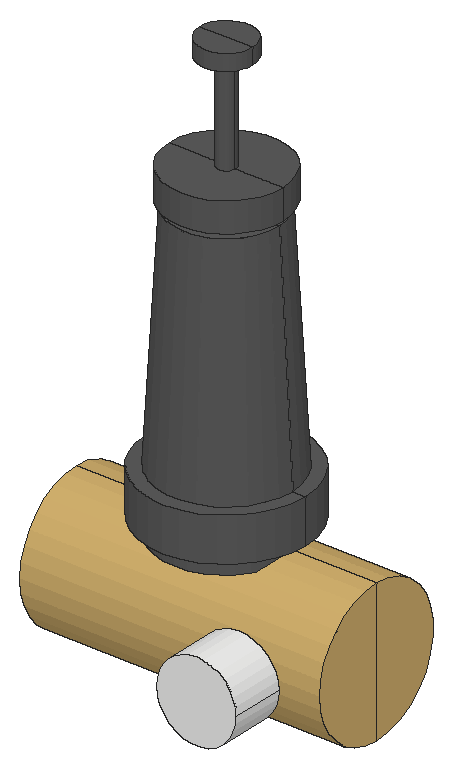
Revit family "Pressure_Reducing_Valves-Acorn-Controls-RV03B_Series", category Pipe Accessories, Revit 2019
Family settings
  Round Connector Dimension = Use Diameter
  Part Type = Valve - Breaks Into
  OmniClass Number = 23.65.55.14.17
  OmniClass Title = Adjusting/Controlling Valves for Liquid Services
  Work Plane-Based = No
  Always vertical = Yes
  Cut with Voids When Loaded = No
  Shared = No
Parameters (values of type "RV03B0-70")
  cUPC Compliant = yes
  Valve Size = 2 1/2"
  URL = "https://www.acorneng.com/acorn-controls-tempering-valves"
  Temperature Rating = "180°F (82.2°C)"
  SH Steel HP - High Pressure Spring = no
  S0 Steel = no
  Pressure Rating = "400 PSI (2758 kPa)"
  PH Plastic HP - High Pressure Spring = no
  P0 Plastic = yes
  Model = "RV03B0-70"
  Manufacturer = "Acorn"
  IAPMO Compliance = "Comply with the national lead-free law, ASSE 1003 & NSF-61."  # constant formula
  Factory Preset = "50±5 PSI (345kPa)"
  F Dimension = 2 1/4"
  E Dimension = 1 7/8"
  Description = "Pressure Reducing Valves"  # constant formula
  D Dimension = 4"
  Creation Date = "09/08/2022"  # constant formula
  Connection Outlet Description = "2 1/2\" Outlet Connection"
  Connection Inlet Description = "2 1/2\" Inlet Connection"
  C Dimension = 4 1/2"
  Bonnet Material = Metal-Acorn-UV Resistant Material
  Body Material = Metal-Acorn-Lead Free Brass
  B Dimension = 14 3/8"
  Assembly Code = "D2090900"
  Adjustable Pressure Range = "10-75 PSI (69-517 kPa)"
  A Dimension = 8 1/2"
Types (3): name | Valve Size | Model | Connection Outlet Description | Connection Inlet Description
  (no name) | 2 1/2" | "RV03B0-70" | "2 1/2\" Outlet Connection" | "2 1/2\" Inlet Connection"
  RV03B0-70 | 2 1/2" | "RV03B0-70" | "2 1/2\" Outlet Connection" | "2 1/2\" Inlet Connection"
  RV03B0-80 | 3" | "RV03B0-80" | "3\" Outlet Connection" | "3\" Inlet Connection"
Reference planes (in)
  plane 1 "Center (Front/Back)": y = 0
  plane 2: z = 0
  plane 3 "Center (Left/Right)": x = 0
  plane 4: y = 2
  plane 5: y = -2
  plane 6: x = 4.25
  plane 7: x = -4.25
  plane 8: z = 14.375
  plane 9: z = 2
  plane 10: z = -2
  plane 11: x = -2.25
  plane 12: x = 2.25
  plane 13: y = -2.375
  plane 14: y = -3.875
Forms (in)
  Revolve 1, solid, material "Metal-Acorn-Lead Free Brass" <- "Body Material"
    sketch origin (0, 0, 0) x (1, 0, 0) y (0, 0, 1)
      loop
        line (-4.25, 0) -> (4.25, 0) -> (4.25, 2) -> (-4.25, 2) -> (-4.25, 0)
      axis (4.25, 0) -> (-4.25, 0)
    angle from 0 to 360
  Revolve 2, solid, material "Metal-Acorn-UV Resistant Material" <- "Bonnet Material"
    sketch origin (0, 0, 0) x (1, 0, 0) y (0, 0, 1)
      loop
        line (0, 14.375) -> (0, 0) -> (1.08891, 0) -> (1.08891, 1.75) -> (1.83891, 1.75) -> (1.83891, 2.25) -> (2.25, 2.25) -> (2.25, 3.49605) -> (1.86824, 3.49605) -> (1.50182, 10.09498) -> (0.5, 10.09498) -> (0.5, 10.2849) -> (1.61907, 10.2849) -> (1.61907, 11.1222) -> (0.25, 11.1222) -> (0.25, 13.92353) -> (0.75, 13.92353) -> (0.75, 14.375) -> (0, 14.375)
      axis (0, 14.375) -> (0, 0)
    angle from 0 to 360
  Extrusion 3, solid, material "Plastic-Acorn-White"
    sketch origin (0, 0, 0) x (1, 0, 0) y (0, 0, 1)
      loop
        circle (2.25, 0) r 1.125
    from 3.875 to 2.375
  Extrusion 4, solid, material "Plastic-Acorn-White"
    sketch origin (0, 0, 0) x (1, 0, 0) y (0, 0, 1)
      loop
        circle (2.25, 0) r 0.25
    from 2.375 to 0
Dimensions and locks (in)
  plane 4 to plane 5 = 4"
  equal spacing: plane 4, plane 1 "Center (Front/Back)", plane 5
  equal spacing: plane 7, plane 3 "Center (Left/Right)", plane 6
  "A Dimension": plane 7 to plane 6
  "B Dimension": plane 8 to level
  equal spacing: plane 5, plane 1 "Center (Front/Back)", plane 4
  "D Dimension": plane 5 to plane 4
  equal spacing: plane 9, level, plane 10
  "D Dimension": plane 9 to plane 10
  equal spacing: plane 12, plane 3 "Center (Left/Right)", plane 11
  "C Dimension": plane 11 to plane 12
  plane 14 to plane 13 = 1 1/2"
  "E Dimension": plane 14 to plane 5
  "F Dimension": diameter of Extrusion 3 sketch curve
  aligned and locked: level to Revolve 1 sketch curve  (x2)
  aligned and locked: Revolve 1 sketch curve to plane 6
  aligned and locked: Revolve 1 sketch curve to plane 7
  aligned and locked: Revolve 2 sketch curve to plane 3 "Center (Left/Right)"
  aligned and locked: Revolve 1 sketch curve to plane 9
  aligned and locked: plane 12 to Extrusion 3 sketch curve
  aligned and locked: plane 2 to Extrusion 3 sketch curve
  aligned and locked: Extrusion 3 to plane 14
  aligned and locked: plane 13 to Extrusion 3
  aligned and locked: plane 8 to Revolve 2 sketch curve
  aligned and locked: plane 12 to Extrusion 4 sketch curve
  aligned and locked: plane 2 to Extrusion 4 sketch curve
  aligned and locked: Extrusion 4 to Extrusion 3
  aligned and locked: Extrusion 4 to connector elem
Automatic sketch dimensions
  Revolve 1 sketch curve to Revolve 1 sketch curve = 1 7/8"
  Revolve 1 sketch curve to Revolve 1 sketch curve = 2 3/4"
  Revolve 2 sketch curve to plane 3 "Center (Left/Right)" = 0"
  Revolve 2 sketch curve to plane 8 = 0"
  Revolve 2 sketch curve to level = 0"
  plane 12 to Revolve 2 sketch curve = 0"
  plane 3 "Center (Left/Right)" to Revolve 2 sketch curve = 1/2"
  plane 3 "Center (Left/Right)" to Revolve 2 sketch curve = 1/4"
  Revolve 2 sketch curve to Revolve 2 sketch curve = 1/2"
  plane 3 "Center (Left/Right)" to Revolve 2 sketch curve = 1.08891"
  plane 12 to Revolve 2 sketch curve = 0.74818"
  plane 12 to Revolve 2 sketch curve = 0.63093"
  plane 12 to Revolve 2 sketch curve = 0.41109"
  Revolve 2 sketch curve to Revolve 2 sketch curve = 0.38176"
  Revolve 2 sketch curve to plane 9 = 1/4"
  plane 9 to Revolve 2 sketch curve = 1/4"
  Revolve 2 sketch curve to Revolve 2 sketch curve = 1.24605"
  Revolve 2 sketch curve to plane 8 = 4.28002"
  Revolve 2 sketch curve to Revolve 2 sketch curve = 0.18992"
  Revolve 2 sketch curve to Revolve 2 sketch curve = 0.8373"
  Revolve 2 sketch curve to plane 8 = 0.45147"
  plane 10 to Revolve 2 sketch curve = 1"
  Revolve 2 sketch curve to Revolve 2 sketch curve = 1 1/4"
  radius of Extrusion 4 sketch curve = 1/4"
Connectors (in)
  piping at (-4.25, 0, 0), diameter 2.5, driven by "Valve Size", driven by "Connection Inlet Description"
    settings: on Revolve 1, index 1, connector inside diameter 24", connector length 0", flow factor 0, pipe flow 0 GPM, pressure drop 0.00 psi, fitting loss kfactor 0, connector angle 0.00°, fixture units 0, engagement length 0", angle of deflection 0.00°, flow configuration 0, flow direction 1, fitting loss method 0, system type 29, joint type 0, gender type 0, connector reference index -1, connector utility 0, adjustable connector no, is connector primary yes, connector description "2 1/2\" Inlet Connection"
  piping at (4.25, 0, 0), diameter 2.5, driven by "Valve Size", driven by "Connection Outlet Description"
    settings: on Revolve 1, index 2, connector inside diameter 24", connector length 0", flow factor 0, pipe flow 0 GPM, pressure drop 0.00 psi, fitting loss kfactor 0, connector angle 0.00°, fixture units 0, engagement length 0", angle of deflection 0.00°, flow configuration 0, flow direction 2, fitting loss method 0, system type 29, joint type 0, gender type 0, connector reference index -1, connector utility 0, adjustable connector no, is connector primary no, connector description "2 1/2\" Outlet Connection"
